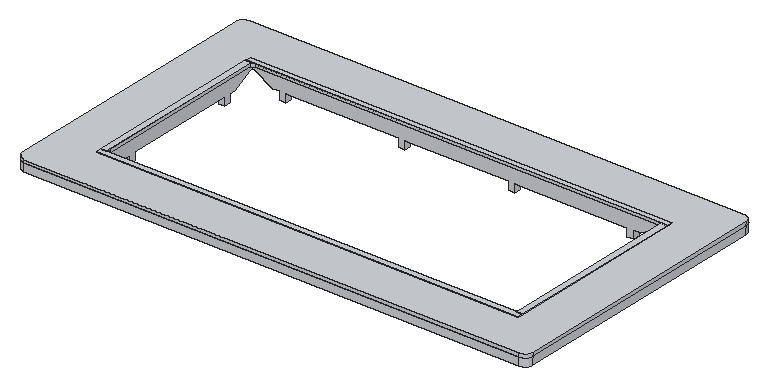
Revit family "Gira_1002235", category Electrical Fixtures, host Face, Revit 2017
Family settings
  Host = Face
  Maintain Annotation Orientation = No
  Round Connector Dimension = Use Diameter
  Part Type = Normal
  Cut with Voids When Loaded = No
  Shared = No
  Room Calculation Point = No
Parameters (values of type "Abdeckrahmen 2f o.M. flach Gira E2 Anthrazit")
  Werkstoffgüte = "Thermoplast"
  Werkstoff = "Kunststoff"
  URL = "http://katalog.gira.de/de_DE/datenblatt.html?artikelnr=1002235"
  Transparent = "No"
  Textfeld/Beschriftungsfläche = "No"
  Schutzart (IP) = "IP20"
  Region = "DE"
  Oberfläche = "sonstige"
  Name = "Abdeckrahmen 2f o.M. flach Gira E2 Anthrazit"
  Montagerichtung = "horizontal und vertikal"
  Mit Montagerahmen = "No"
  Mit Klappdeckel = "No"
  Manufacturer URL = "https://www.gira.de/"
  Keynote = "E2flach_Rahmen_2fach o.Mittelsteg"
  HeinzeBIM = "https://bimportal.heinze.de/bim/abdeckrahmen-2f-o-m-flach-gira-e2-anthrazit/e6299c339ac16545b4e3a3ff87664bd105762890"
  Halogenfrei = "Yes"
  HAN = "1002235"
  Geeignet für Unterputz-Installation = "Yes"
  Geeignet für Unterflurkanaldose = "No"
  Geeignet für Geräteeinbaukanal = "No"
  Geeignet für Einbauinstallation = "No"
  GTIN = "4010337021315"
  Farbe = "anthrazit"
  Default Elevation = 1219.2 mm
  Data sheet (1) = "https://katalog.gira.de/de_DE/download.html?artikelnr=1002235"
  Category = "Abdeckrahmen"
  Befestigungsart = "Klemmbefestigung"
  Available = "Yes"
  Anzahl der Einheiten vertikal = "2 "
  Anzahl der Einheiten horizontal = "2 "
  Anzahl der Einheiten = "2 "
Reference planes
  plane 1 "Center (Front/Back)": y = 0
  plane 2: z = 0
  plane 3 "Center (Left/Right)": x = 0
Forms (mm)
  Extrusion 1, solid, detail levels fine
    sketch origin (0, 0, 0) x (1, 0, 0) y (0, 1, 0)
      loop
        arc (-77, 43.9) -> (-78.768, 43.168) -> (-79.5, 41.4) r 2.5
        line (-79.5, 41.4) -> (-79.5, -41.4)
        arc (-79.5, -41.4) -> (-78.768, -43.168) -> (-77, -43.9) r 2.5
        line (-77, -43.9) -> (77, -43.9)
        arc (77, -43.9) -> (78.768, -43.168) -> (79.5, -41.4) r 2.5
        line (79.5, -41.4) -> (79.5, 41.4)
        arc (79.5, 41.4) -> (78.768, 43.168) -> (77, 43.9) r 2.5
        line (77, 43.9) -> (-77, 43.9)
      loop
        spline (-63.744, -27.245) -> (-63.736, -27.363) -> (-63.713, -27.478) -> (-63.675, -27.589) -> (-63.623, -27.695) -> (-63.558, -27.792) -> (-63.481, -27.881) -> (-63.392, -27.958) -> (-63.295, -28.023) -> (-63.189, -28.075) -> (-63.078, -28.113) -> (-62.963, -28.136) -> (-62.845, -28.144)
        line (-62.845, -28.144) -> (62.845, -28.144)
        spline (62.845, -28.144) -> (62.963, -28.136) -> (63.078, -28.113) -> (63.189, -28.075) -> (63.295, -28.023) -> (63.392, -27.958) -> (63.481, -27.881) -> (63.558, -27.792) -> (63.623, -27.695) -> (63.675, -27.589) -> (63.713, -27.478) -> (63.736, -27.363) -> (63.744, -27.245)
        line (63.744, -27.245) -> (63.744, 27.245)
        spline (63.744, 27.245) -> (63.736, 27.363) -> (63.713, 27.478) -> (63.675, 27.589) -> (63.623, 27.695) -> (63.558, 27.792) -> (63.481, 27.881) -> (63.392, 27.958) -> (63.295, 28.023) -> (63.189, 28.075) -> (63.078, 28.113) -> (62.963, 28.136) -> (62.845, 28.144)
        line (62.845, 28.144) -> (-62.845, 28.144)
        spline (-62.845, 28.144) -> (-62.963, 28.136) -> (-63.078, 28.113) -> (-63.189, 28.075) -> (-63.295, 28.023) -> (-63.392, 27.958) -> (-63.481, 27.881) -> (-63.558, 27.792) -> (-63.623, 27.695) -> (-63.675, 27.589) -> (-63.713, 27.478) -> (-63.736, 27.363) -> (-63.744, 27.245)
        line (-63.744, 27.245) -> (-63.744, -27.245)
    from 2.5 to 3.4
  Extrusion 2, solid, detail levels fine
    sketch origin (0, 0, 0) x (1, 0, 0) y (0, 1, 0)
      loop
        arc (-77, 43.9) -> (-78.768, 43.168) -> (-79.5, 41.4) r 2.5
        line (-79.5, 41.4) -> (-79.5, -41.4)
        arc (-79.5, -41.4) -> (-78.768, -43.168) -> (-77, -43.9) r 2.5
        line (-77, -43.9) -> (77, -43.9)
        arc (77, -43.9) -> (78.768, -43.168) -> (79.5, -41.4) r 2.5
        line (79.5, -41.4) -> (79.5, 41.4)
        arc (79.5, 41.4) -> (78.768, 43.168) -> (77, 43.9) r 2.5
        line (77, 43.9) -> (-77, 43.9)
      loop
        arc (-77, 43.4) -> (-78.414, 42.814) -> (-79, 41.4) r 2
        line (-79, 41.4) -> (-79, -41.4)
        arc (-79, -41.4) -> (-78.414, -42.814) -> (-77, -43.4) r 2
        line (-77, -43.4) -> (77, -43.4)
        arc (77, -43.4) -> (78.414, -42.814) -> (79, -41.4) r 2
        line (79, -41.4) -> (79, 41.4)
        arc (79, 41.4) -> (78.414, 42.814) -> (77, 43.4) r 2
        line (77, 43.4) -> (-77, 43.4)
    from 0 to 2.5
  Extrusion 3, solid, detail levels fine
    sketch origin (35.6, 0, 0) x (0, -1, 0) y (0, 0, -1)
      loop
        line (-17.5, 4.06) -> (-19.5, 4.06) -> (-19.5, 1.56) -> (-21.654, 1.56) -> (-27.214, -1.65) -> (-28.144, -1.65) -> (-28.144, -3.4) -> (28.144, -3.4) -> (28.144, -1.65) -> (27.214, -1.65) -> (21.654, 1.56) -> (19.5, 1.56) -> (19.5, 4.06) -> (17.5, 4.06) -> (17.5, 1.56) -> (-17.5, 1.56) -> (-17.5, 4.06)
    from 28.144 to 30
  Extrusion 4, solid, detail levels fine
    sketch origin (0, 0, 0) x (1, 0, 0) y (0, 0, -1)
      loop
        line (-53.1, 4.06) -> (-55.1, 4.06) -> (-55.1, 1.56) -> (-57.254, 1.56) -> (-62.814, -1.65) -> (-65.6, -1.65) -> (-65.6, -3.4) -> (65.6, -3.4) -> (65.6, -1.65) -> (62.814, -1.65) -> (57.254, 1.56) -> (55.1, 1.56) -> (55.1, 4.06) -> (53.1, 4.06) -> (53.1, 1.56) -> (18.1, 1.56) -> (18.1, 4.042) -> (16.1, 4.042) -> (16.1, 1.542) -> (-16.1, 1.542) -> (-16.1, 4.042) -> (-18.1, 4.042) -> (-18.1, 1.56) -> (-53.1, 1.56) -> (-53.1, 4.06)
    from 28.144 to 30
  Extrusion 5, solid, detail levels coarse
    sketch origin (0, 0, 0) x (1, 0, 0) y (0, 1, 0)
      loop
        line (-79.5, 43.9) -> (-79.5, -43.9) -> (79.5, -43.9) -> (79.5, 43.9) -> (-79.5, 43.9)
    from -4.06 to 3.4
  Extrusion 6, solid, detail levels medium
    sketch origin (0, 0, 0) x (1, 0, 0) y (0, 1, 0)
      loop
        line (-79.5, 43.9) -> (-79.5, -43.9) -> (79.5, -43.9) -> (79.5, 43.9) -> (-79.5, 43.9)
    from 0 to 3.4
  Extrusion 7, solid, detail levels medium
    sketch origin (0, 0, 0) x (1, 0, 0) y (0, 0, -1)
      loop
        line (-53.1, 4.06) -> (-55.1, 4.06) -> (-55.1, 1.56) -> (-65.6, 1.56) -> (-65.6, -3.4) -> (65.6, -3.4) -> (65.6, 1.56) -> (55.1, 1.56) -> (55.1, 4.06) -> (53.1, 4.06) -> (53.1, 1.56) -> (18.1, 1.56) -> (18.1, 4.06) -> (16.1, 4.06) -> (16.1, 1.542) -> (-16.1, 1.542) -> (-16.1, 4.06) -> (-18.1, 4.06) -> (-18.1, 1.56) -> (-53.1, 1.56) -> (-53.1, 4.06)
    from 28.144 to 30
  Extrusion 8, solid, detail levels medium
    sketch origin (35.6, 0, 0) x (0, -1, 0) y (0, 0, -1)
      loop
        line (-17.5, 4.06) -> (-19.5, 4.06) -> (-19.5, 1.56) -> (-28.144, 1.56) -> (-28.144, -3.4) -> (28.144, -3.4) -> (28.144, 1.56) -> (19.5, 1.56) -> (19.5, 4.06) -> (17.5, 4.06) -> (17.5, 1.56) -> (-17.5, 1.56) -> (-17.5, 4.06)
    from 28.144 to 30
  Extrusion 9, solid, detail levels fine
    sketch origin (0, 0, 0) x (1, 0, 0) y (0, 0, 1)
      loop
        line (-53.1, -4.06) -> (-53.1, -1.56) -> (-18.1, -1.56) -> (-18.1, -4.042) -> (-16.1, -4.042) -> (-16.1, -1.542) -> (16.1, -1.542) -> (16.1, -4.042) -> (18.1, -4.042) -> (18.1, -1.56) -> (53.1, -1.56) -> (53.1, -4.06) -> (55.1, -4.06) -> (55.1, -1.56) -> (57.254, -1.56) -> (62.814, 1.65) -> (65.6, 1.65) -> (65.6, 3.4) -> (-65.6, 3.4) -> (-65.6, 1.65) -> (-62.814, 1.65) -> (-57.254, -1.56) -> (-55.1, -1.56) -> (-55.1, -4.06) -> (-53.1, -4.06)
    from 28.144 to 30
  Extrusion 10, solid, detail levels medium
    sketch origin (0, 0, 0) x (1, 0, 0) y (0, 0, 1)
      loop
        line (-53.1, -4.06) -> (-53.1, -1.56) -> (-18.1, -1.56) -> (-18.1, -4.06) -> (-16.1, -4.06) -> (-16.1, -1.542) -> (16.1, -1.542) -> (16.1, -4.06) -> (18.1, -4.06) -> (18.1, -1.56) -> (53.1, -1.56) -> (53.1, -4.06) -> (55.1, -4.06) -> (55.1, -1.56) -> (65.6, -1.56) -> (65.6, 3.4) -> (-65.6, 3.4) -> (-65.6, -1.56) -> (-55.1, -1.56) -> (-55.1, -4.06) -> (-53.1, -4.06)
    from 28.144 to 30
  Extrusion 11, solid, detail levels fine
    sketch origin (-35.6, 0, 0) x (0, -1, 0) y (0, 0, 1)
      loop
        line (-17.5, -4.06) -> (-17.5, -1.56) -> (17.5, -1.56) -> (17.5, -4.06) -> (19.5, -4.06) -> (19.5, -1.56) -> (21.654, -1.56) -> (27.214, 1.65) -> (28.144, 1.65) -> (28.144, 3.4) -> (-28.144, 3.4) -> (-28.144, 1.65) -> (-27.214, 1.65) -> (-21.654, -1.56) -> (-19.5, -1.56) -> (-19.5, -4.06) -> (-17.5, -4.06)
    from 28.144 to 30
  Extrusion 12, solid, detail levels medium
    sketch origin (-35.6, 0, 0) x (0, -1, 0) y (0, 0, 1)
      loop
        line (-17.5, -4.06) -> (-17.5, -1.56) -> (17.5, -1.56) -> (17.5, -4.06) -> (19.5, -4.06) -> (19.5, -1.56) -> (28.144, -1.56) -> (28.144, 3.4) -> (-28.144, 3.4) -> (-28.144, -1.56) -> (-19.5, -1.56) -> (-19.5, -4.06) -> (-17.5, -4.06)
    from 28.144 to 30
Dimensions and locks
  aligned and locked: plane 2 to host face
  aligned and locked: level to host face
